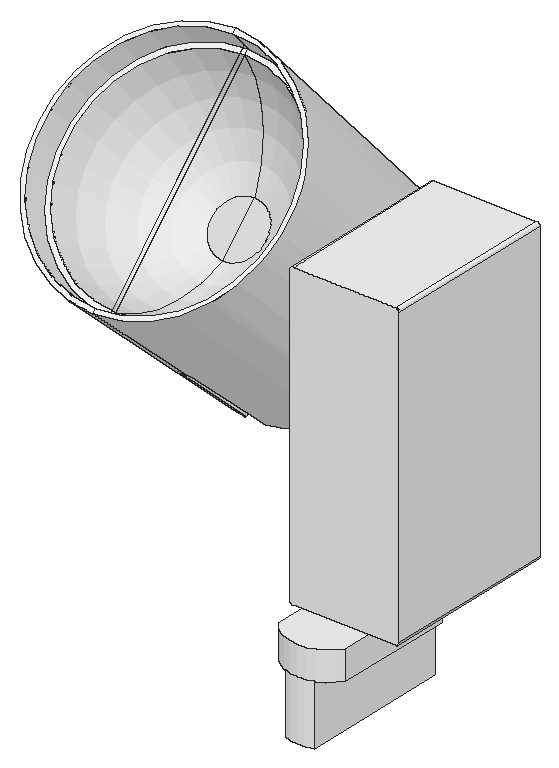
Revit family "0004927 Feilo Sylvania Lighting Fixture START TRACK SPOT L DALI 3306LM 930 MB WHT", category Lighting Fixtures, host Face, Revit 2017 (continued)
Definition of nested family "Start Track Spot Head"
  Types (96, lengths in mm): name | Wattage | built-in parameter 1150134 | Photometric Web File | Model | built-in parameter 1150105 | Lumens | built-in parameter 1150107 | built-in parameter 1150106 | HeadThickness_FEILO | HeadRibOffset_FEILO | HeadRibDepth_FEILO | HeadRibCutWidth_FEILO | HeadRibCutOffset_FEILO | HeadReflectorRadius_FEILO | HeadReflectorOffset_FEILO | HeadLEDRadius_FEILO | HeadHeight_FEILO | HeadDiffusorOffset_FEILO | HeadDiaOut_FEILO | HeadDiaIn_FEILO | HeadAxisFromTop_FEILO | Emit from Circle Diameter | built-in parameter 1150104 | Description | Apparent Load
    0004864 START TRACK SPOT S 24W 3K RA90 WB WHITE | 24 W | (empty or 0) | "0004864.ies" | "START TRACK SPOT S 24W 3K RA90 WB WHITE" | 152.79 (stored number, unit not read) | 1920 lm | 3000 (stored number, unit not read) | 1.5279 (stored number, unit not read) | 1.5 | 4.179 | 55.714 | 7.167 | 50.87 | 50.588 | 55.714 | 9.556 | 117 | 9.435 | 86 | 77.477 | 69.354 | 77.477 | 7.4322 (stored number, unit not read) | "Integrated LED spotlight, Textured White - RAL9016, compact and minimalist design, ideal for retail applications, die-cast aluminium body, passive cooling heatsink. Beam angle: 64°, color temperature: 3000K , total system power: 24W, total fixture output: 1928 lm, LOR: 100%, colour rendering: Ra: 90 typical, LED Chromaticity: 3 step MacAdam ellipse, lifetime: >50000 hours at L70B50, energy class: A++, A+, A, IR/UV free light source without heat radiation, operating voltage: 220-240V / 50-60Hz, drive current: 600mA, electronic driver, non-dimmable, power factor: 0.95, electrical protection: Class II, Global Track 3 Phase adapter suitable for Global trac 3-circuit tracks, ingress protection rating: IP20, suitable for internal environment only, horizontal rotation: 355°, vertical tilt: 90°, dimensions: Ø86x140x200, weight: 0.966kg." | 24 VA
    0004863 START TRACK SPOT S 24W 3K RA90 MB WHITE | 24 W | (empty or 0) | "0004863.ies" | "START TRACK SPOT S 24W 3K RA90 MB WHITE" | 154.7 (stored number, unit not read) | 1944 lm | 3000 (stored number, unit not read) | 1.547 (stored number, unit not read) | 1.5 | 4.179 | 55.714 | 7.167 | 50.87 | 50.588 | 55.714 | 9.556 | 117 | 9.435 | 86 | 77.477 | 69.354 | 77.477 | 7.5251 (stored number, unit not read) | "Integrated LED spotlight, Textured White - RAL9016, compact and minimalist design, ideal for retail applications, die-cast aluminium body, passive cooling heatsink. Beam angle: 36°, color temperature: 3000K , total system power: 24W, total fixture output: 1944 lm, LOR: 100%, colour rendering: Ra: 90 typical, LED Chromaticity: 3 step MacAdam ellipse, lifetime: >50000 hours at L70B50, energy class: A++, A+, A, IR/UV free light source without heat radiation, operating voltage: 220-240V / 50-60Hz, drive current: 600mA, electronic driver, non-dimmable, power factor: 0.95, electrical protection: Class II, Global Track 3 Phase adapter suitable for Global trac 3-circuit tracks, ingress protection rating: IP20, suitable for internal environment only, horizontal rotation: 355°, vertical tilt: 90°, dimensions: Ø86x140x200, weight: 0.966kg." | 24 VA
    0004862 START TRACK SPOT S 24W 3K RA90 NB WHITE | 24 W | (empty or 0) | "0004862.ies" | "START TRACK SPOT S 24W 3K RA90 NB WHITE" | 158.52 (stored number, unit not read) | 1992 lm | 3000 (stored number, unit not read) | 1.5852 (stored number, unit not read) | 1.5 | 4.179 | 55.714 | 7.167 | 50.87 | 50.588 | 55.714 | 9.556 | 117 | 9.435 | 86 | 77.477 | 69.354 | 77.477 | 7.711 (stored number, unit not read) | "Integrated LED spotlight, Textured White - RAL9016, compact and minimalist design, ideal for retail applications, die-cast aluminium body, passive cooling heatsink. Beam angle: 12°, color temperature: 3000K , total system power: 24W, total fixture output: 1987 lm, LOR: 100%, colour rendering: Ra: 90 typical, LED Chromaticity: 3 step MacAdam ellipse, lifetime: >50000 hours at L70B50, energy class: A++, A+, A, IR/UV free light source without heat radiation, operating voltage: 220-240V / 50-60Hz, drive current: 600mA, electronic driver, non-dimmable, power factor: 0.95, electrical protection: Class II, Global Track 3 Phase adapter suitable for Global trac 3-circuit tracks, ingress protection rating: IP20, suitable for internal environment only, horizontal rotation: 355°, vertical tilt: 90°, dimensions: Ø86x140x200, weight: 0.966kg." | 24 VA
    0004861 START TRACK SPOT S 14W 3K RA90 WB WHITE | 14 W | (empty or 0) | "0004861.ies" | "START TRACK SPOT S 14W 3K RA90 WB WHITE" | 100.27 (stored number, unit not read) | 1260 lm | 3000 (stored number, unit not read) | 1.0027 (stored number, unit not read) | 1.5 | 4.179 | 55.714 | 7.167 | 50.87 | 50.588 | 55.714 | 9.556 | 117 | 9.435 | 86 | 77.477 | 69.354 | 77.477 | 8.3613 (stored number, unit not read) | "Integrated LED spotlight, Textured White - RAL9016, compact and minimalist design, ideal for retail applications, die-cast aluminium body, passive cooling heatsink. Beam angle: 64°, color temperature: 3000K , total system power: 14W, total fixture output: 1262 lm, LOR: 100%, colour rendering: Ra: 90 typical, LED Chromaticity: 3 step MacAdam ellipse, lifetime: >50000 hours at L70B50, energy class: A++, A+, A, IR/UV free light source without heat radiation, operating voltage: 220-240V / 50-60Hz, drive current: 350mA, electronic driver, non-dimmable, power factor: 0.92, electrical protection: Class II, Global Track 3 Phase adapter suitable for Global trac 3-circuit tracks, ingress protection rating: IP20, suitable for internal environment only, horizontal rotation: 355°, vertical tilt: 90°, dimensions: Ø86x140x200, weight: 0.940kg." | 14 VA
    0004860 START TRACK SPOT S 14W 3K RA90 MB WHITE | 14 W | (empty or 0) | "0004860.ies" | "START TRACK SPOT S 14W 3K RA90 MB WHITE" | 100.27 (stored number, unit not read) | 1260 lm | 3000 (stored number, unit not read) | 1.0027 (stored number, unit not read) | 1.5 | 4.179 | 55.714 | 7.167 | 50.87 | 50.588 | 55.714 | 9.556 | 117 | 9.435 | 86 | 77.477 | 69.354 | 77.477 | 8.3613 (stored number, unit not read) | "Integrated LED spotlight, Textured White - RAL9016, compact and minimalist design, ideal for retail applications, die-cast aluminium body, passive cooling heatsink. Beam angle: 36°, color temperature: 3000K , total system power: 14W, total fixture output: 1262 lm, LOR: 100%, colour rendering: Ra: 90 typical, LED Chromaticity: 3 step MacAdam ellipse, lifetime: >50000 hours at L70B50, energy class: A++, A+, A, IR/UV free light source without heat radiation, operating voltage: 220-240V / 50-60Hz, drive current: 350mA, electronic driver, non-dimmable, power factor: 0.92, electrical protection: Class II, Global Track 3 Phase adapter suitable for Global trac 3-circuit tracks, ingress protection rating: IP20, suitable for internal environment only, horizontal rotation: 355°, vertical tilt: 90°, dimensions: Ø86x140x200, weight: 0.940kg." | 14 VA
    0004859 START TRACK SPOT S 14W 3K RA90 NB WHITE | 14 W | (empty or 0) | "0004859.ies" | "START TRACK SPOT S 14W 3K RA90 NB WHITE" | 102.5 (stored number, unit not read) | 1288 lm | 3000 (stored number, unit not read) | 1.025 (stored number, unit not read) | 1.5 | 4.179 | 55.714 | 7.167 | 50.87 | 50.588 | 55.714 | 9.556 | 117 | 9.435 | 86 | 77.477 | 69.354 | 77.477 | 8.5471 (stored number, unit not read) | "Integrated LED spotlight, Textured White - RAL9016, compact and minimalist design, ideal for retail applications, die-cast aluminium body, passive cooling heatsink. Beam angle: 12°, color temperature: 3000K , total system power: 14W, total fixture output: 1284 lm, LOR: 100%, colour rendering: Ra: 90 typical, LED Chromaticity: 3 step MacAdam ellipse, lifetime: >50000 hours at L70B50, energy class: A++, A+, A, IR/UV free light source without heat radiation, operating voltage: 220-240V / 50-60Hz, drive current: 350mA, electronic driver, non-dimmable, power factor: 0.92, electrical protection: Class II, Global Track 3 Phase adapter suitable for Global trac 3-circuit tracks, ingress protection rating: IP20, suitable for internal environment only, horizontal rotation: 355°, vertical tilt: 90°, dimensions: Ø86x140x200, weight: 0.940kg." | 14 VA
    0004858 START TRACK SPOT L 55W 4K RA80 WB BLACK | 55 W | 12 | "0004858.ies" | "START TRACK SPOT L 55W 4K RA80 WB BLACK" | 424.55 (stored number, unit not read) | 5335 lm | 4000 (stored number, unit not read) | 4.2455 (stored number, unit not read) | 2 | 4.429 | 59.048 | 9.417 | 53.913 | 66.471 | 59.048 | 12.556 | 124 | 10 | 113 | 101.802 | 73.503 | 101.802 | 9.0116 (stored number, unit not read) | "Integrated LED spotlight, Textured Black - RAL9005, compact and minimalist design, ideal for retail applications, die-cast aluminium body, passive cooling heatsink. Beam angle: 52°, color temperature: 4000K , total system power: 55W, total fixture output: 5320 lm, LOR: 100%, colour rendering: Ra: 80 typical, LED Chromaticity: 3 step MacAdam ellipse, lifetime: >50000 hours at L70B50, energy class: A++, A+, A, IR/UV free light source without heat radiation, operating voltage: 220-240V / 50-60Hz, drive current: 1400mA, electronic driver, non-dimmable, power factor: 0.96, electrical protection: Class II, Global Track 3 Phase adapter suitable for Global trac 3-circuit tracks, ingress protection rating: IP20, suitable for internal environment only, horizontal rotation: 355°, vertical tilt: 90°, dimensions: Ø113x164x240, weight: 1.398kg." | 55 VA
    0004857 START TRACK SPOT L 55W 4K RA80 MB BLACK | 55 W | 12 | "0004857.ies" | "START TRACK SPOT L 55W 4K RA80 MB BLACK" | 428.92 (stored number, unit not read) | 5390 lm | 4000 (stored number, unit not read) | 4.2892 (stored number, unit not read) | 2 | 4.429 | 59.048 | 9.417 | 53.913 | 66.471 | 59.048 | 12.556 | 124 | 10 | 113 | 101.802 | 73.503 | 101.802 | 9.1045 (stored number, unit not read) | "Integrated LED spotlight, Textured Black - RAL9005, compact and minimalist design, ideal for retail applications, die-cast aluminium body, passive cooling heatsink. Beam angle: 38°, color temperature: 4000K , total system power: 55W, total fixture output: 5378 lm, LOR: 100%, colour rendering: Ra: 80 typical, LED Chromaticity: 3 step MacAdam ellipse, lifetime: >50000 hours at L70B50, energy class: A++, A+, A, IR/UV free light source without heat radiation, operating voltage: 220-240V / 50-60Hz, drive current: 1400mA, electronic driver, non-dimmable, power factor: 0.96, electrical protection: Class II, Global Track 3 Phase adapter suitable for Global trac 3-circuit tracks, ingress protection rating: IP20, suitable for internal environment only, horizontal rotation: 355°, vertical tilt: 90°, dimensions: Ø113x164x240, weight: 1.398kg." | 55 VA
    0004856 START TRACK SPOT L 55W 4K RA80 NB BLACK | 55 W | 12 | "0004856.ies" | "START TRACK SPOT L 55W 4K RA80 NB BLACK" | 433.3 (stored number, unit not read) | 5445 lm | 4000 (stored number, unit not read) | 4.333 (stored number, unit not read) | 2 | 4.429 | 59.048 | 9.417 | 53.913 | 66.471 | 59.048 | 12.556 | 124 | 10 | 113 | 101.802 | 73.503 | 101.802 | 9.1974 (stored number, unit not read) | "Integrated LED spotlight, Textured Black - RAL9005, compact and minimalist design, ideal for retail applications, die-cast aluminium body, passive cooling heatsink. Beam angle: 15°, color temperature: 4000K , total system power: 55W, total fixture output: 5426 lm, LOR: 100%, colour rendering: Ra: 80 typical, LED Chromaticity: 3 step MacAdam ellipse, lifetime: >50000 hours at L70B50, energy class: A++, A+, A, IR/UV free light source without heat radiation, operating voltage: 220-240V / 50-60Hz, drive current: 1400mA, electronic driver, non-dimmable, power factor: 0.96, electrical protection: Class II, Global Track 3 Phase adapter suitable for Global trac 3-circuit tracks, ingress protection rating: IP20, suitable for internal environment only, horizontal rotation: 355°, vertical tilt: 90°, dimensions: Ø113x164x240, weight: 1.398kg." | 55 VA
    0004855 START TRACK SPOT L 35W 4K RA80 WB BLACK | 35 W | 12 | "0004855.ies" | "START TRACK SPOT L 35W 4K RA80 WB BLACK" | 320.3 (stored number, unit not read) | 4025 lm | 4000 (stored number, unit not read) | 3.203 (stored number, unit not read) | 2 | 4.429 | 59.048 | 9.417 | 53.913 | 66.471 | 59.048 | 12.556 | 124 | 10 | 113 | 101.802 | 73.503 | 101.802 | 10.684 (stored number, unit not read) | "Integrated LED spotlight, Textured Black - RAL9005, compact and minimalist design, ideal for retail applications, die-cast aluminium body, passive cooling heatsink. Beam angle: 52°, color temperature: 4000K , total system power: 35W, total fixture output: 4010 lm, LOR: 100%, colour rendering: Ra: 80 typical, LED Chromaticity: 3 step MacAdam ellipse, lifetime: >50000 hours at L70B50, energy class: A++, A+, A, IR/UV free light source without heat radiation, operating voltage: 220-240V / 50-60Hz, drive current: 900mA, electronic driver, non-dimmable, power factor: 0.93, electrical protection: Class II, Global Track 3 Phase adapter suitable for Global trac 3-circuit tracks, ingress protection rating: IP20, suitable for internal environment only, horizontal rotation: 355°, vertical tilt: 90°, dimensions: Ø113x164x240, weight: 1.368kg." | 35 VA
    0004854 START TRACK SPOT L 35W 4K RA80 MB BLACK | 35 W | 12 | "0004854.ies" | "START TRACK SPOT L 35W 4K RA80 MB BLACK" | 320.3 (stored number, unit not read) | 4025 lm | 4000 (stored number, unit not read) | 3.203 (stored number, unit not read) | 2 | 4.429 | 59.048 | 9.417 | 53.913 | 66.471 | 59.048 | 12.556 | 124 | 10 | 113 | 101.802 | 73.503 | 101.802 | 10.684 (stored number, unit not read) | "Integrated LED spotlight, Textured Black - RAL9005, compact and minimalist design, ideal for retail applications, die-cast aluminium body, passive cooling heatsink. Beam angle: 38°, color temperature: 4000K , total system power: 35W, total fixture output: 4017 lm, LOR: 100%, colour rendering: Ra: 80 typical, LED Chromaticity: 3 step MacAdam ellipse, lifetime: >50000 hours at L70B50, energy class: A++, A+, A, IR/UV free light source without heat radiation, operating voltage: 220-240V / 50-60Hz, drive current: 900mA, electronic driver, non-dimmable, power factor: 0.93, electrical protection: Class II, Global Track 3 Phase adapter suitable for Global trac 3-circuit tracks, ingress protection rating: IP20, suitable for internal environment only, horizontal rotation: 355°, vertical tilt: 90°, dimensions: Ø113x164x240, weight: 1.368kg." | 35 VA
    0004853 START TRACK SPOT L 35W 4K RA80 NB BLACK | 35 W | 12 | "0004853.ies" | "START TRACK SPOT L 35W 4K RA80 NB BLACK" | 331.44 (stored number, unit not read) | 4165 lm | 4000 (stored number, unit not read) | 3.3144 (stored number, unit not read) | 2 | 4.429 | 59.048 | 9.417 | 53.913 | 66.471 | 59.048 | 12.556 | 124 | 10 | 113 | 101.802 | 73.503 | 101.802 | 11.055 (stored number, unit not read) | "Integrated LED spotlight, Textured Black - RAL9005, compact and minimalist design, ideal for retail applications, die-cast aluminium body, passive cooling heatsink. Beam angle: 15°, color temperature: 4000K , total system power: 35W, total fixture output: 4174 lm, LOR: 100%, colour rendering: Ra: 80 typical, LED Chromaticity: 3 step MacAdam ellipse, lifetime: >50000 hours at L70B50, energy class: A++, A+, A, IR/UV free light source without heat radiation, operating voltage: 220-240V / 50-60Hz, drive current: 900mA, electronic driver, non-dimmable, power factor: 0.93, electrical protection: Class II, Global Track 3 Phase adapter suitable for Global trac 3-circuit tracks, ingress protection rating: IP20, suitable for internal environment only, horizontal rotation: 355°, vertical tilt: 90°, dimensions: Ø113x164x240, weight: 1.368kg." | 35 VA
    0004852 START TRACK SPOT S 24W 4K RA80 WB BLACK | 24 W | 12 | "0004852.ies" | "START TRACK SPOT S 24W 4K RA80 WB BLACK" | 196.72 (stored number, unit not read) | 2472 lm | 4000 (stored number, unit not read) | 1.9672 (stored number, unit not read) | 1.5 | 4.179 | 55.714 | 7.167 | 50.87 | 50.588 | 55.714 | 9.556 | 117 | 9.435 | 86 | 77.477 | 69.354 | 77.477 | 9.569 (stored number, unit not read) | "Integrated LED spotlight, Textured Black - RAL9005, compact and minimalist design, ideal for retail applications, die-cast aluminium body, passive cooling heatsink. Beam angle: 64°, color temperature: 4000K , total system power: 24W, total fixture output: 2476 lm, LOR: 100%, colour rendering: Ra: 80 typical, LED Chromaticity: 3 step MacAdam ellipse, lifetime: >50000 hours at L70B50, energy class: A++, A+, A, IR/UV free light source without heat radiation, operating voltage: 220-240V / 50-60Hz, drive current: 600mA, electronic driver, non-dimmable, power factor: 0.95, electrical protection: Class II, Global Track 3 Phase adapter suitable for Global trac 3-circuit tracks, ingress protection rating: IP20, suitable for internal environment only, horizontal rotation: 355°, vertical tilt: 90°, dimensions: Ø86x140x200, weight: 0.966kg." | 24 VA
    0004851 START TRACK SPOT S 24W 4K RA80 MB BLACK | 24 W | 12 | "0004851.ies" | "START TRACK SPOT S 24W 4K RA80 MB BLACK" | 198.63 (stored number, unit not read) | 2496 lm | 4000 (stored number, unit not read) | 1.9863 (stored number, unit not read) | 1.5 | 4.179 | 55.714 | 7.167 | 50.87 | 50.588 | 55.714 | 9.556 | 117 | 9.435 | 86 | 77.477 | 69.354 | 77.477 | 9.6619 (stored number, unit not read) | "Integrated LED spotlight, Textured Black - RAL9005, compact and minimalist design, ideal for retail applications, die-cast aluminium body, passive cooling heatsink. Beam angle: 36°, color temperature: 4000K , total system power: 24W, total fixture output: 2487 lm, LOR: 100%, colour rendering: Ra: 80 typical, LED Chromaticity: 3 step MacAdam ellipse, lifetime: >50000 hours at L70B50, energy class: A++, A+, A, IR/UV free light source without heat radiation, operating voltage: 220-240V / 50-60Hz, drive current: 600mA, electronic driver, non-dimmable, power factor: 0.95, electrical protection: Class II, Global Track 3 Phase adapter suitable for Global trac 3-circuit tracks, ingress protection rating: IP20, suitable for internal environment only, horizontal rotation: 355°, vertical tilt: 90°, dimensions: Ø86x140x200, weight: 0.966kg." | 24 VA
    0004850 START TRACK SPOT S 24W 4K RA80 NB BLACK | 24 W | 12 | "0004850.ies" | "START TRACK SPOT S 24W 4K RA80 NB BLACK" | 200.54 (stored number, unit not read) | 2520 lm | 4000 (stored number, unit not read) | 2.0054 (stored number, unit not read) | 1.5 | 4.179 | 55.714 | 7.167 | 50.87 | 50.588 | 55.714 | 9.556 | 117 | 9.435 | 86 | 77.477 | 69.354 | 77.477 | 9.7548 (stored number, unit not read) | "Integrated LED spotlight, Textured Black - RAL9005, compact and minimalist design, ideal for retail applications, die-cast aluminium body, passive cooling heatsink. Beam angle: 12°, color temperature: 4000K , total system power: 24W, total fixture output: 2529 lm, LOR: 100%, colour rendering: Ra: 80 typical, LED Chromaticity: 3 step MacAdam ellipse, lifetime: >50000 hours at L70B50, energy class: A++, A+, A, IR/UV free light source without heat radiation, operating voltage: 220-240V / 50-60Hz, drive current: 600mA, electronic driver, non-dimmable, power factor: 0.95, electrical protection: Class II, Global Track 3 Phase adapter suitable for Global trac 3-circuit tracks, ingress protection rating: IP20, suitable for internal environment only, horizontal rotation: 355°, vertical tilt: 90°, dimensions: Ø86x140x200, weight: 0.966kg." | 24 VA
    0004849 START TRACK SPOT S 14W 4K RA80 WB BLACK | 14 W | 12 | "0004849.ies" | "START TRACK SPOT S 14W 4K RA80 WB BLACK" | 123.66 (stored number, unit not read) | 1554 lm | 4000 (stored number, unit not read) | 1.2366 (stored number, unit not read) | 1.5 | 4.179 | 55.714 | 7.167 | 50.87 | 50.588 | 55.714 | 9.556 | 117 | 9.435 | 86 | 77.477 | 69.354 | 77.477 | 10.312 (stored number, unit not read) | "Integrated LED spotlight, Textured Black - RAL9005, compact and minimalist design, ideal for retail applications, die-cast aluminium body, passive cooling heatsink. Beam angle: 64°, color temperature: 4000K , total system power: 14W, total fixture output: 1558 lm, LOR: 100%, colour rendering: Ra: 80 typical, LED Chromaticity: 3 step MacAdam ellipse, lifetime: >50000 hours at L70B50, energy class: A++, A+, A, IR/UV free light source without heat radiation, operating voltage: 220-240V / 50-60Hz, drive current: 350mA, electronic driver, non-dimmable, power factor: 0.92, electrical protection: Class II, Global Track 3 Phase adapter suitable for Global trac 3-circuit tracks, ingress protection rating: IP20, suitable for internal environment only, horizontal rotation: 355°, vertical tilt: 90°, dimensions: Ø86x140x200, weight: 0.940kg." | 14 VA
    0004848 START TRACK SPOT S 14W 4K RA80 MB BLACK | 14 W | 12 | "0004848.ies" | "START TRACK SPOT S 14W 4K RA80 MB BLACK" | 127.01 (stored number, unit not read) | 1596 lm | 4000 (stored number, unit not read) | 1.2701 (stored number, unit not read) | 1.5 | 4.179 | 55.714 | 7.167 | 50.87 | 50.588 | 55.714 | 9.556 | 117 | 9.435 | 86 | 77.477 | 69.354 | 77.477 | 10.591 (stored number, unit not read) | "Integrated LED spotlight, Textured Black - RAL9005, compact and minimalist design, ideal for retail applications, die-cast aluminium body, passive cooling heatsink. Beam angle: 36°, color temperature: 4000K , total system power: 14W, total fixture output: 1598 lm, LOR: 100%, colour rendering: Ra: 80 typical, LED Chromaticity: 3 step MacAdam ellipse, lifetime: >50000 hours at L70B50, energy class: A++, A+, A, IR/UV free light source without heat radiation, operating voltage: 220-240V / 50-60Hz, drive current: 350mA, electronic driver, non-dimmable, power factor: 0.92, electrical protection: Class II, Global Track 3 Phase adapter suitable for Global trac 3-circuit tracks, ingress protection rating: IP20, suitable for internal environment only, horizontal rotation: 355°, vertical tilt: 90°, dimensions: Ø86x140x200, weight: 0.940kg." | 14 VA
    0004847 START TRACK SPOT S 14W 4K RA80 NB BLACK | 14 W | 12 | "0004847.ies" | "START TRACK SPOT S 14W 4K RA80 NB BLACK" | 128.12 (stored number, unit not read) | 1610 lm | 4000 (stored number, unit not read) | 1.2812 (stored number, unit not read) | 1.5 | 4.179 | 55.714 | 7.167 | 50.87 | 50.588 | 55.714 | 9.556 | 117 | 9.435 | 86 | 77.477 | 69.354 | 77.477 | 10.684 (stored number, unit not read) | "Integrated LED spotlight, Textured Black - RAL9005, compact and minimalist design, ideal for retail applications, die-cast aluminium body, passive cooling heatsink. Beam angle: 12°, color temperature: 4000K , total system power: 14W, total fixture output: 1608 lm, LOR: 100%, colour rendering: Ra: 80 typical, LED Chromaticity: 3 step MacAdam ellipse, lifetime: >50000 hours at L70B50, energy class: A++, A+, A, IR/UV free light source without heat radiation, operating voltage: 220-240V / 50-60Hz, drive current: 350mA, electronic driver, non-dimmable, power factor: 0.92, electrical protection: Class II, Global Track 3 Phase adapter suitable for Global trac 3-circuit tracks, ingress protection rating: IP20, suitable for internal environment only, horizontal rotation: 355°, vertical tilt: 90°, dimensions: Ø86x140x200, weight: 0.940kg." | 14 VA
    0004846 START TRACK SPOT L 55W 3K RA80 WB BLACK | 55 W | (empty or 0) | "0004846.ies" | "START TRACK SPOT L 55W 3K RA80 WB BLACK" | 420.17 (stored number, unit not read) | 5280 lm | 3000 (stored number, unit not read) | 4.2017 (stored number, unit not read) | 2 | 4.429 | 59.048 | 9.417 | 53.913 | 66.471 | 59.048 | 12.556 | 124 | 10 | 113 | 101.802 | 73.503 | 101.802 | 8.9187 (stored number, unit not read) | "Integrated LED spotlight, Textured Black - RAL9005, compact and minimalist design, ideal for retail applications, die-cast aluminium body, passive cooling heatsink. Beam angle: 52°, color temperature: 3000K , total system power: 55W, total fixture output: 5298 lm, LOR: 100%, colour rendering: Ra: 80 typical, LED Chromaticity: 3 step MacAdam ellipse, lifetime: >50000 hours at L70B50, energy class: A++, A+, A, IR/UV free light source without heat radiation, operating voltage: 220-240V / 50-60Hz, drive current: 1400mA, electronic driver, non-dimmable, power factor: 0.96, electrical protection: Class II, Global Track 3 Phase adapter suitable for Global trac 3-circuit tracks, ingress protection rating: IP20, suitable for internal environment only, horizontal rotation: 355°, vertical tilt: 90°, dimensions: Ø113x164x240, weight: 1.398kg." | 55 VA
    0004845 START TRACK SPOT L 55W 3K RA80 MB BLACK | 55 W | (empty or 0) | "0004845.ies" | "START TRACK SPOT L 55W 3K RA80 MB BLACK" | 428.92 (stored number, unit not read) | 5390 lm | 3000 (stored number, unit not read) | 4.2892 (stored number, unit not read) | 2 | 4.429 | 59.048 | 9.417 | 53.913 | 66.471 | 59.048 | 12.556 | 124 | 10 | 113 | 101.802 | 73.503 | 101.802 | 9.1045 (stored number, unit not read) | "Integrated LED spotlight, Textured Black - RAL9005, compact and minimalist design, ideal for retail applications, die-cast aluminium body, passive cooling heatsink. Beam angle: 38°, color temperature: 3000K , total system power: 55W, total fixture output: 5381 lm, LOR: 100%, colour rendering: Ra: 80 typical, LED Chromaticity: 3 step MacAdam ellipse, lifetime: >50000 hours at L70B50, energy class: A++, A+, A, IR/UV free light source without heat radiation, operating voltage: 220-240V / 50-60Hz, drive current: 1400mA, electronic driver, non-dimmable, power factor: 0.96, electrical protection: Class II, Global Track 3 Phase adapter suitable for Global trac 3-circuit tracks, ingress protection rating: IP20, suitable for internal environment only, horizontal rotation: 355°, vertical tilt: 90°, dimensions: Ø113x164x240, weight: 1.398kg." | 55 VA
    0004844 START TRACK SPOT L 55W 3K RA80 NB BLACK | 55 W | (empty or 0) | "0004844.ies" | "START TRACK SPOT L 55W 3K RA80 NB BLACK" | 433.3 (stored number, unit not read) | 5445 lm | 3000 (stored number, unit not read) | 4.333 (stored number, unit not read) | 2 | 4.429 | 59.048 | 9.417 | 53.913 | 66.471 | 59.048 | 12.556 | 124 | 10 | 113 | 101.802 | 73.503 | 101.802 | 9.1974 (stored number, unit not read) | "Integrated LED spotlight, Textured Black - RAL9005, compact and minimalist design, ideal for retail applications, die-cast aluminium body, passive cooling heatsink. Beam angle: 15°, color temperature: 3000K , total system power: 55W, total fixture output: 5449 lm, LOR: 100%, colour rendering: Ra: 80 typical, LED Chromaticity: 3 step MacAdam ellipse, lifetime: >50000 hours at L70B50, energy class: A++, A+, A, IR/UV free light source without heat radiation, operating voltage: 220-240V / 50-60Hz, drive current: 1400mA, electronic driver, non-dimmable, power factor: 0.96, electrical protection: Class II, Global Track 3 Phase adapter suitable for Global trac 3-circuit tracks, ingress protection rating: IP20, suitable for internal environment only, horizontal rotation: 355°, vertical tilt: 90°, dimensions: Ø113x164x240, weight: 1.398kg." | 55 VA
    0004843 START TRACK SPOT L 35W 3K RA80 WB BLACK | 35 W | (empty or 0) | "0004843.ies" | "START TRACK SPOT L 35W 3K RA80 WB BLACK" | 314.73 (stored number, unit not read) | 3955 lm | 3000 (stored number, unit not read) | 3.1473 (stored number, unit not read) | 2 | 4.429 | 59.048 | 9.417 | 53.913 | 66.471 | 59.048 | 12.556 | 124 | 10 | 113 | 101.802 | 73.503 | 101.802 | 10.498 (stored number, unit not read) | "Integrated LED spotlight, Textured Black - RAL9005, compact and minimalist design, ideal for retail applications, die-cast aluminium body, passive cooling heatsink. Beam angle: 52°, color temperature: 3000K , total system power: 35W, total fixture output: 3943 lm, LOR: 100%, colour rendering: Ra: 80 typical, LED Chromaticity: 3 step MacAdam ellipse, lifetime: >50000 hours at L70B50, energy class: A++, A+, A, IR/UV free light source without heat radiation, operating voltage: 220-240V / 50-60Hz, drive current: 900mA, electronic driver, non-dimmable, power factor: 0.93, electrical protection: Class II, Global Track 3 Phase adapter suitable for Global trac 3-circuit tracks, ingress protection rating: IP20, suitable for internal environment only, horizontal rotation: 355°, vertical tilt: 90°, dimensions: Ø113x164x240, weight: 1.368kg." | 35 VA
    0004842 START TRACK SPOT L 35W 3K RA80 MB BLACK | 35 W | (empty or 0) | "0004842.ies" | "START TRACK SPOT L 35W 3K RA80 MB BLACK" | 320.3 (stored number, unit not read) | 4025 lm | 3000 (stored number, unit not read) | 3.203 (stored number, unit not read) | 2 | 4.429 | 59.048 | 9.417 | 53.913 | 66.471 | 59.048 | 12.556 | 124 | 10 | 113 | 101.802 | 73.503 | 101.802 | 10.684 (stored number, unit not read) | "Integrated LED spotlight, Textured Black - RAL9005, compact and minimalist design, ideal for retail applications, die-cast aluminium body, passive cooling heatsink. Beam angle: 38°, color temperature: 3000K , total system power: 35W, total fixture output: 4008 lm, LOR: 100%, colour rendering: Ra: 80 typical, LED Chromaticity: 3 step MacAdam ellipse, lifetime: >50000 hours at L70B50, energy class: A++, A+, A, IR/UV free light source without heat radiation, operating voltage: 220-240V / 50-60Hz, drive current: 900mA, electronic driver, non-dimmable, power factor: 0.93, electrical protection: Class II, Global Track 3 Phase adapter suitable for Global trac 3-circuit tracks, ingress protection rating: IP20, suitable for internal environment only, horizontal rotation: 355°, vertical tilt: 90°, dimensions: Ø113x164x240, weight: 1.368kg." | 35 VA
    0004841 START TRACK SPOT L 35W 3K RA80 NB BLACK | 35 W | (empty or 0) | "0004841.ies" | "START TRACK SPOT L 35W 3K RA80 NB BLACK" | 317.51 (stored number, unit not read) | 3990 lm | 3000 (stored number, unit not read) | 3.1751 (stored number, unit not read) | 2 | 4.429 | 59.048 | 9.417 | 53.913 | 66.471 | 59.048 | 12.556 | 124 | 10 | 113 | 101.802 | 73.503 | 101.802 | 10.591 (stored number, unit not read) | "Integrated LED spotlight, Textured Black - RAL9005, compact and minimalist design, ideal for retail applications, die-cast aluminium body, passive cooling heatsink. Beam angle: 15°, color temperature: 3000K , total system power: 35W, total fixture output: 4005 lm, LOR: 100%, colour rendering: Ra: 80 typical, LED Chromaticity: 3 step MacAdam ellipse, lifetime: >50000 hours at L70B50, energy class: A++, A+, A, IR/UV free light source without heat radiation, operating voltage: 220-240V / 50-60Hz, drive current: 900mA, electronic driver, non-dimmable, power factor: 0.93, electrical protection: Class II, Global Track 3 Phase adapter suitable for Global trac 3-circuit tracks, ingress protection rating: IP20, suitable for internal environment only, horizontal rotation: 355°, vertical tilt: 90°, dimensions: Ø113x164x240, weight: 1.368kg." | 35 VA
    0004840 START TRACK SPOT S 24W 3K RA80 WB BLACK | 24 W | (empty or 0) | "0004840.ies" | "START TRACK SPOT S 24W 3K RA80 WB BLACK" | 185.26 (stored number, unit not read) | 2328 lm | 3000 (stored number, unit not read) | 1.8526 (stored number, unit not read) | 1.5 | 4.179 | 55.714 | 7.167 | 50.87 | 50.588 | 55.714 | 9.556 | 117 | 9.435 | 86 | 77.477 | 69.354 | 77.477 | 9.0116 (stored number, unit not read) | "Integrated LED spotlight, Textured Black - RAL9005, compact and minimalist design, ideal for retail applications, die-cast aluminium body, passive cooling heatsink. Beam angle: 64°, color temperature: 3000K , total system power: 24W, total fixture output: 2318 lm, LOR: 100%, colour rendering: Ra: 80 typical, LED Chromaticity: 3 step MacAdam ellipse, lifetime: >50000 hours at L70B50, energy class: A++, A+, A, IR/UV free light source without heat radiation, operating voltage: 220-240V / 50-60Hz, drive current: 600mA, electronic driver, non-dimmable, power factor: 0.95, electrical protection: Class II, Global Track 3 Phase adapter suitable for Global trac 3-circuit tracks, ingress protection rating: IP20, suitable for internal environment only, horizontal rotation: 355°, vertical tilt: 90°, dimensions: Ø86x140x200, weight: 0.966kg." | 24 VA
    0004839 START TRACK SPOT S 24W 3K RA80 MB BLACK | 24 W | (empty or 0) | "0004839.ies" | "START TRACK SPOT S 24W 3K RA80 MB BLACK" | 183.35 (stored number, unit not read) | 2304 lm | 3000 (stored number, unit not read) | 1.8335 (stored number, unit not read) | 1.5 | 4.179 | 55.714 | 7.167 | 50.87 | 50.588 | 55.714 | 9.556 | 117 | 9.435 | 86 | 77.477 | 69.354 | 77.477 | 8.9187 (stored number, unit not read) | "Integrated LED spotlight, Textured Black - RAL9005, compact and minimalist design, ideal for retail applications, die-cast aluminium body, passive cooling heatsink. Beam angle: 36°, color temperature: 3000K , total system power: 24W, total fixture output: 2314 lm, LOR: 100%, colour rendering: Ra: 80 typical, LED Chromaticity: 3 step MacAdam ellipse, lifetime: >50000 hours at L70B50, energy class: A++, A+, A, IR/UV free light source without heat radiation, operating voltage: 220-240V / 50-60Hz, drive current: 600mA, electronic driver, non-dimmable, power factor: 0.95, electrical protection: Class II, Global Track 3 Phase adapter suitable for Global trac 3-circuit tracks, ingress protection rating: IP20, suitable for internal environment only, horizontal rotation: 355°, vertical tilt: 90°, dimensions: Ø86x140x200, weight: 0.966kg." | 24 VA
    0004838 START TRACK SPOT S 24W 3K RA80 NB BLACK | 24 W | (empty or 0) | "0004838.ies" | "START TRACK SPOT S 24W 3K RA80 NB BLACK" | 185.26 (stored number, unit not read) | 2328 lm | 3000 (stored number, unit not read) | 1.8526 (stored number, unit not read) | 1.5 | 4.179 | 55.714 | 7.167 | 50.87 | 50.588 | 55.714 | 9.556 | 117 | 9.435 | 86 | 77.477 | 69.354 | 77.477 | 9.0116 (stored number, unit not read) | "Integrated LED spotlight, Textured Black - RAL9005, compact and minimalist design, ideal for retail applications, die-cast aluminium body, passive cooling heatsink. Beam angle: 12°, color temperature: 3000K , total system power: 24W, total fixture output: 2334 lm, LOR: 100%, colour rendering: Ra: 80 typical, LED Chromaticity: 3 step MacAdam ellipse, lifetime: >50000 hours at L70B50, energy class: A++, A+, A, IR/UV free light source without heat radiation, operating voltage: 220-240V / 50-60Hz, drive current: 600mA, electronic driver, non-dimmable, power factor: 0.95, electrical protection: Class II, Global Track 3 Phase adapter suitable for Global trac 3-circuit tracks, ingress protection rating: IP20, suitable for internal environment only, horizontal rotation: 355°, vertical tilt: 90°, dimensions: Ø86x140x200, weight: 0.966kg." | 24 VA
    0004837 START TRACK SPOT S 14W 3K RA80 WB BLACK | 14 W | (empty or 0) | "0004837.ies" | "START TRACK SPOT S 14W 3K RA80 WB BLACK" | 119.21 (stored number, unit not read) | 1498 lm | 3000 (stored number, unit not read) | 1.1921 (stored number, unit not read) | 1.5 | 4.179 | 55.714 | 7.167 | 50.87 | 50.588 | 55.714 | 9.556 | 117 | 9.435 | 86 | 77.477 | 69.354 | 77.477 | 9.9406 (stored number, unit not read) | "Integrated LED spotlight, Textured Black - RAL9005, compact and minimalist design, ideal for retail applications, die-cast aluminium body, passive cooling heatsink. Beam angle: 64°, color temperature: 3000K , total system power: 14W, total fixture output: 1498 lm, LOR: 100%, colour rendering: Ra: 80 typical, LED Chromaticity: 3 step MacAdam ellipse, lifetime: >50000 hours at L70B50, energy class: A++, A+, A, IR/UV free light source without heat radiation, operating voltage: 220-240V / 50-60Hz, drive current: 350mA, electronic driver, non-dimmable, power factor: 0.92, electrical protection: Class II, Global Track 3 Phase adapter suitable for Global trac 3-circuit tracks, ingress protection rating: IP20, suitable for internal environment only, horizontal rotation: 355°, vertical tilt: 90°, dimensions: Ø86x140x200, weight: 0.940kg." | 14 VA
    0004836 START TRACK SPOT S 14W 3K RA80 MB BLACK | 14 W | (empty or 0) | "0004836.ies" | "START TRACK SPOT S 14W 3K RA80 MB BLACK" | 120.32 (stored number, unit not read) | 1512 lm | 3000 (stored number, unit not read) | 1.2032 (stored number, unit not read) | 1.5 | 4.179 | 55.714 | 7.167 | 50.87 | 50.588 | 55.714 | 9.556 | 117 | 9.435 | 86 | 77.477 | 69.354 | 77.477 | 10.034 (stored number, unit not read) | "Integrated LED spotlight, Textured Black - RAL9005, compact and minimalist design, ideal for retail applications, die-cast aluminium body, passive cooling heatsink. Beam angle: 36°, color temperature: 3000K , total system power: 14W, total fixture output: 1508 lm, LOR: 100%, colour rendering: Ra: 80 typical, LED Chromaticity: 3 step MacAdam ellipse, lifetime: >50000 hours at L70B50, energy class: A++, A+, A, IR/UV free light source without heat radiation, operating voltage: 220-240V / 50-60Hz, drive current: 350mA, electronic driver, non-dimmable, power factor: 0.92, electrical protection: Class II, Global Track 3 Phase adapter suitable for Global trac 3-circuit tracks, ingress protection rating: IP20, suitable for internal environment only, horizontal rotation: 355°, vertical tilt: 90°, dimensions: Ø86x140x200, weight: 0.940kg." | 14 VA
    0004835 START TRACK SPOT S 14W 3K RA80 NB BLACK | 14 W | (empty or 0) | "0004835.ies" | "START TRACK SPOT S 14W 3K RA80 NB BLACK" | 123.66 (stored number, unit not read) | 1554 lm | 3000 (stored number, unit not read) | 1.2366 (stored number, unit not read) | 1.5 | 4.179 | 55.714 | 7.167 | 50.87 | 50.588 | 55.714 | 9.556 | 117 | 9.435 | 86 | 77.477 | 69.354 | 77.477 | 10.312 (stored number, unit not read) | "Integrated LED spotlight, Textured Black - RAL9005, compact and minimalist design, ideal for retail applications, die-cast aluminium body, passive cooling heatsink. Beam angle: 12°, color temperature: 3000K , total system power: 14W, total fixture output: 1551 lm, LOR: 100%, colour rendering: Ra: 80 typical, LED Chromaticity: 3 step MacAdam ellipse, lifetime: >50000 hours at L70B50, energy class: A++, A+, A, IR/UV free light source without heat radiation, operating voltage: 220-240V / 50-60Hz, drive current: 350mA, electronic driver, non-dimmable, power factor: 0.92, electrical protection: Class II, Global Track 3 Phase adapter suitable for Global trac 3-circuit tracks, ingress protection rating: IP20, suitable for internal environment only, horizontal rotation: 355°, vertical tilt: 90°, dimensions: Ø86x140x200, weight: 0.940kg." | 14 VA
    0004834 START TRACK SPOT L 55W 4K RA80 WB WHITE | 55 W | 12 | "0004834.ies" | "START TRACK SPOT L 55W 4K RA80 WB WHITE" | 424.55 (stored number, unit not read) | 5335 lm | 4000 (stored number, unit not read) | 4.2455 (stored number, unit not read) | 2 | 4.429 | 59.048 | 9.417 | 53.913 | 66.471 | 59.048 | 12.556 | 124 | 10 | 113 | 101.802 | 73.503 | 101.802 | 9.0116 (stored number, unit not read) | "Integrated LED spotlight, Textured White - RAL9016, compact and minimalist design, ideal for retail applications, die-cast aluminium body, passive cooling heatsink. Beam angle: 52°, color temperature: 4000K , total system power: 55W, total fixture output: 5320 lm, LOR: 100%, colour rendering: Ra: 80 typical, LED Chromaticity: 3 step MacAdam ellipse, lifetime: >50000 hours at L70B50, energy class: A++, A+, A, IR/UV free light source without heat radiation, operating voltage: 220-240V / 50-60Hz, drive current: 1400mA, electronic driver, non-dimmable, power factor: 0.96, electrical protection: Class II, Global Track 3 Phase adapter suitable for Global trac 3-circuit tracks, ingress protection rating: IP20, suitable for internal environment only, horizontal rotation: 355°, vertical tilt: 90°, dimensions: Ø113x164x240, weight: 1.398kg." | 55 VA
    0004833 START TRACK SPOT L 55W 4K RA80 MB WHITE | 55 W | 12 | "0004833.ies" | "START TRACK SPOT L 55W 4K RA80 MB WHITE" | 428.92 (stored number, unit not read) | 5390 lm | 4000 (stored number, unit not read) | 4.2892 (stored number, unit not read) | 2 | 4.429 | 59.048 | 9.417 | 53.913 | 66.471 | 59.048 | 12.556 | 124 | 10 | 113 | 101.802 | 73.503 | 101.802 | 9.1045 (stored number, unit not read) | "Integrated LED spotlight, Textured White - RAL9016, compact and minimalist design, ideal for retail applications, die-cast aluminium body, passive cooling heatsink. Beam angle: 38°, color temperature: 4000K , total system power: 55W, total fixture output: 5378 lm, LOR: 100%, colour rendering: Ra: 80 typical, LED Chromaticity: 3 step MacAdam ellipse, lifetime: >50000 hours at L70B50, energy class: A++, A+, A, IR/UV free light source without heat radiation, operating voltage: 220-240V / 50-60Hz, drive current: 1400mA, electronic driver, non-dimmable, power factor: 0.96, electrical protection: Class II, Global Track 3 Phase adapter suitable for Global trac 3-circuit tracks, ingress protection rating: IP20, suitable for internal environment only, horizontal rotation: 355°, vertical tilt: 90°, dimensions: Ø113x164x240, weight: 1.398kg." | 55 VA
    0004832 START TRACK SPOT L 55W 4K RA80 NB WHITE | 55 W | 12 | "0004832.ies" | "START TRACK SPOT L 55W 4K RA80 NB WHITE" | 433.3 (stored number, unit not read) | 5445 lm | 4000 (stored number, unit not read) | 4.333 (stored number, unit not read) | 2 | 4.429 | 59.048 | 9.417 | 53.913 | 66.471 | 59.048 | 12.556 | 124 | 10 | 113 | 101.802 | 73.503 | 101.802 | 9.1974 (stored number, unit not read) | "Integrated LED spotlight, Textured White - RAL9016, compact and minimalist design, ideal for retail applications, die-cast aluminium body, passive cooling heatsink. Beam angle: 15°, color temperature: 4000K , total system power: 55W, total fixture output: 5426 lm, LOR: 100%, colour rendering: Ra: 80 typical, LED Chromaticity: 3 step MacAdam ellipse, lifetime: >50000 hours at L70B50, energy class: A++, A+, A, IR/UV free light source without heat radiation, operating voltage: 220-240V / 50-60Hz, drive current: 1400mA, electronic driver, non-dimmable, power factor: 0.96, electrical protection: Class II, Global Track 3 Phase adapter suitable for Global trac 3-circuit tracks, ingress protection rating: IP20, suitable for internal environment only, horizontal rotation: 355°, vertical tilt: 90°, dimensions: Ø113x164x240, weight: 1.398kg." | 55 VA
    0004831 START TRACK SPOT L 35W 4K RA80 WB WHITE | 35 W | 12 | "0004831.ies" | "START TRACK SPOT L 35W 4K RA80 WB WHITE" | 320.3 (stored number, unit not read) | 4025 lm | 4000 (stored number, unit not read) | 3.203 (stored number, unit not read) | 2 | 4.429 | 59.048 | 9.417 | 53.913 | 66.471 | 59.048 | 12.556 | 124 | 10 | 113 | 101.802 | 73.503 | 101.802 | 10.684 (stored number, unit not read) | "Integrated LED spotlight, Textured White - RAL9016, compact and minimalist design, ideal for retail applications, die-cast aluminium body, passive cooling heatsink. Beam angle: 52°, color temperature: 4000K , total system power: 35W, total fixture output: 4010 lm, LOR: 100%, colour rendering: Ra: 80 typical, LED Chromaticity: 3 step MacAdam ellipse, lifetime: >50000 hours at L70B50, energy class: A++, A+, A, IR/UV free light source without heat radiation, operating voltage: 220-240V / 50-60Hz, drive current: 900mA, electronic driver, non-dimmable, power factor: 0.93, electrical protection: Class II, Global Track 3 Phase adapter suitable for Global trac 3-circuit tracks, ingress protection rating: IP20, suitable for internal environment only, horizontal rotation: 355°, vertical tilt: 90°, dimensions: Ø113x164x240, weight: 1.368kg." | 35 VA
    0004830 START TRACK SPOT L 35W 4K RA80 MB WHITE | 35 W | 12 | "0004830.ies" | "START TRACK SPOT L 35W 4K RA80 MB WHITE" | 320.3 (stored number, unit not read) | 4025 lm | 4000 (stored number, unit not read) | 3.203 (stored number, unit not read) | 2 | 4.429 | 59.048 | 9.417 | 53.913 | 66.471 | 59.048 | 12.556 | 124 | 10 | 113 | 101.802 | 73.503 | 101.802 | 10.684 (stored number, unit not read) | "Integrated LED spotlight, Textured White - RAL9016, compact and minimalist design, ideal for retail applications, die-cast aluminium body, passive cooling heatsink. Beam angle: 38°, color temperature: 4000K , total system power: 35W, total fixture output: 4017 lm, LOR: 100%, colour rendering: Ra: 80 typical, LED Chromaticity: 3 step MacAdam ellipse, lifetime: >50000 hours at L70B50, energy class: A++, A+, A, IR/UV free light source without heat radiation, operating voltage: 220-240V / 50-60Hz, drive current: 900mA, electronic driver, non-dimmable, power factor: 0.93, electrical protection: Class II, Global Track 3 Phase adapter suitable for Global trac 3-circuit tracks, ingress protection rating: IP20, suitable for internal environment only, horizontal rotation: 355°, vertical tilt: 90°, dimensions: Ø113x164x240, weight: 1.368kg." | 35 VA
    0004829 START TRACK SPOT L 35W 4K RA80 NB WHITE | 35 W | 12 | "0004829.ies" | "START TRACK SPOT L 35W 4K RA80 NB WHITE" | 331.44 (stored number, unit not read) | 4165 lm | 4000 (stored number, unit not read) | 3.3144 (stored number, unit not read) | 2 | 4.429 | 59.048 | 9.417 | 53.913 | 66.471 | 59.048 | 12.556 | 124 | 10 | 113 | 101.802 | 73.503 | 101.802 | 11.055 (stored number, unit not read) | "Integrated LED spotlight, Textured White - RAL9016, compact and minimalist design, ideal for retail applications, die-cast aluminium body, passive cooling heatsink. Beam angle: 15°, color temperature: 4000K , total system power: 35W, total fixture output: 4174 lm, LOR: 100%, colour rendering: Ra: 80 typical, LED Chromaticity: 3 step MacAdam ellipse, lifetime: >50000 hours at L70B50, energy class: A++, A+, A, IR/UV free light source without heat radiation, operating voltage: 220-240V / 50-60Hz, drive current: 900mA, electronic driver, non-dimmable, power factor: 0.93, electrical protection: Class II, Global Track 3 Phase adapter suitable for Global trac 3-circuit tracks, ingress protection rating: IP20, suitable for internal environment only, horizontal rotation: 355°, vertical tilt: 90°, dimensions: Ø113x164x240, weight: 1.368kg." | 35 VA
    0004828 START TRACK SPOT S 24W 4K RA80 WB WHITE | 24 W | 12 | "0004828.ies" | "START TRACK SPOT S 24W 4K RA80 WB WHITE" | 196.72 (stored number, unit not read) | 2472 lm | 4000 (stored number, unit not read) | 1.9672 (stored number, unit not read) | 1.5 | 4.179 | 55.714 | 7.167 | 50.87 | 50.588 | 55.714 | 9.556 | 117 | 9.435 | 86 | 77.477 | 69.354 | 77.477 | 9.569 (stored number, unit not read) | "Integrated LED spotlight, Textured White - RAL9016, compact and minimalist design, ideal for retail applications, die-cast aluminium body, passive cooling heatsink. Beam angle: 64°, color temperature: 4000K , total system power: 24W, total fixture output: 2476 lm, LOR: 100%, colour rendering: Ra: 80 typical, LED Chromaticity: 3 step MacAdam ellipse, lifetime: >50000 hours at L70B50, energy class: A++, A+, A, IR/UV free light source without heat radiation, operating voltage: 220-240V / 50-60Hz, drive current: 600mA, electronic driver, non-dimmable, power factor: 0.95, electrical protection: Class II, Global Track 3 Phase adapter suitable for Global trac 3-circuit tracks, ingress protection rating: IP20, suitable for internal environment only, horizontal rotation: 355°, vertical tilt: 90°, dimensions: Ø86x140x200, weight: 0.966kg." | 24 VA
    0004827 START TRACK SPOT S 24W 4K RA80 MB WHITE | 24 W | 12 | "0004827.ies" | "START TRACK SPOT S 24W 4K RA80 MB WHITE" | 198.63 (stored number, unit not read) | 2496 lm | 4000 (stored number, unit not read) | 1.9863 (stored number, unit not read) | 1.5 | 4.179 | 55.714 | 7.167 | 50.87 | 50.588 | 55.714 | 9.556 | 117 | 9.435 | 86 | 77.477 | 69.354 | 77.477 | 9.6619 (stored number, unit not read) | "Integrated LED spotlight, Textured White - RAL9016, compact and minimalist design, ideal for retail applications, die-cast aluminium body, passive cooling heatsink. Beam angle: 36°, color temperature: 4000K , total system power: 24W, total fixture output: 2487 lm, LOR: 100%, colour rendering: Ra: 80 typical, LED Chromaticity: 3 step MacAdam ellipse, lifetime: >50000 hours at L70B50, energy class: A++, A+, A, IR/UV free light source without heat radiation, operating voltage: 220-240V / 50-60Hz, drive current: 600mA, electronic driver, non-dimmable, power factor: 0.95, electrical protection: Class II, Global Track 3 Phase adapter suitable for Global trac 3-circuit tracks, ingress protection rating: IP20, suitable for internal environment only, horizontal rotation: 355°, vertical tilt: 90°, dimensions: Ø86x140x200, weight: 0.966kg." | 24 VA
    0004826 START TRACK SPOT S 24W 4K RA80 NB WHITE | 24 W | 12 | "0004826.ies" | "START TRACK SPOT S 24W 4K RA80 NB WHITE" | 200.54 (stored number, unit not read) | 2520 lm | 4000 (stored number, unit not read) | 2.0054 (stored number, unit not read) | 1.5 | 4.179 | 55.714 | 7.167 | 50.87 | 50.588 | 55.714 | 9.556 | 117 | 9.435 | 86 | 77.477 | 69.354 | 77.477 | 9.7548 (stored number, unit not read) | "Integrated LED spotlight, Textured White - RAL9016, compact and minimalist design, ideal for retail applications, die-cast aluminium body, passive cooling heatsink. Beam angle: 12°, color temperature: 4000K , total system power: 24W, total fixture output: 2529 lm, LOR: 100%, colour rendering: Ra: 80 typical, LED Chromaticity: 3 step MacAdam ellipse, lifetime: >50000 hours at L70B50, energy class: A++, A+, A, IR/UV free light source without heat radiation, operating voltage: 220-240V / 50-60Hz, drive current: 600mA, electronic driver, non-dimmable, power factor: 0.95, electrical protection: Class II, Global Track 3 Phase adapter suitable for Global trac 3-circuit tracks, ingress protection rating: IP20, suitable for internal environment only, horizontal rotation: 355°, vertical tilt: 90°, dimensions: Ø86x140x200, weight: 0.966kg." | 24 VA
    0004825 START TRACK SPOT S 14W 4K RA80 WB WHITE | 14 W | 12 | "0004825.ies" | "START TRACK SPOT S 14W 4K RA80 WB WHITE" | 123.66 (stored number, unit not read) | 1554 lm | 4000 (stored number, unit not read) | 1.2366 (stored number, unit not read) | 1.5 | 4.179 | 55.714 | 7.167 | 50.87 | 50.588 | 55.714 | 9.556 | 117 | 9.435 | 86 | 77.477 | 69.354 | 77.477 | 10.312 (stored number, unit not read) | "Integrated LED spotlight, Textured White - RAL9016, compact and minimalist design, ideal for retail applications, die-cast aluminium body, passive cooling heatsink. Beam angle: 64°, color temperature: 4000K , total system power: 14W, total fixture output: 1558 lm, LOR: 100%, colour rendering: Ra: 80 typical, LED Chromaticity: 3 step MacAdam ellipse, lifetime: >50000 hours at L70B50, energy class: A++, A+, A, IR/UV free light source without heat radiation, operating voltage: 220-240V / 50-60Hz, drive current: 350mA, electronic driver, non-dimmable, power factor: 0.92, electrical protection: Class II, Global Track 3 Phase adapter suitable for Global trac 3-circuit tracks, ingress protection rating: IP20, suitable for internal environment only, horizontal rotation: 355°, vertical tilt: 90°, dimensions: Ø86x140x200, weight: 0.940kg." | 14 VA
    0004824 START TRACK SPOT S 14W 4K RA80 MB WHITE | 14 W | 12 | "0004824.ies" | "START TRACK SPOT S 14W 4K RA80 MB WHITE" | 127.01 (stored number, unit not read) | 1596 lm | 4000 (stored number, unit not read) | 1.2701 (stored number, unit not read) | 1.5 | 4.179 | 55.714 | 7.167 | 50.87 | 50.588 | 55.714 | 9.556 | 117 | 9.435 | 86 | 77.477 | 69.354 | 77.477 | 10.591 (stored number, unit not read) | "Integrated LED spotlight, Textured White - RAL9016, compact and minimalist design, ideal for retail applications, die-cast aluminium body, passive cooling heatsink. Beam angle: 36°, color temperature: 4000K , total system power: 14W, total fixture output: 1598 lm, LOR: 100%, colour rendering: Ra: 80 typical, LED Chromaticity: 3 step MacAdam ellipse, lifetime: >50000 hours at L70B50, energy class: A++, A+, A, IR/UV free light source without heat radiation, operating voltage: 220-240V / 50-60Hz, drive current: 350mA, electronic driver, non-dimmable, power factor: 0.92, electrical protection: Class II, Global Track 3 Phase adapter suitable for Global trac 3-circuit tracks, ingress protection rating: IP20, suitable for internal environment only, horizontal rotation: 355°, vertical tilt: 90°, dimensions: Ø86x140x200, weight: 0.940kg." | 14 VA
    0004823 START TRACK SPOT S 14W 4K RA80 NB WHITE | 14 W | 12 | "0004823.ies" | "START TRACK SPOT S 14W 4K RA80 NB WHITE" | 128.12 (stored number, unit not read) | 1610 lm | 4000 (stored number, unit not read) | 1.2812 (stored number, unit not read) | 1.5 | 4.179 | 55.714 | 7.167 | 50.87 | 50.588 | 55.714 | 9.556 | 117 | 9.435 | 86 | 77.477 | 69.354 | 77.477 | 10.684 (stored number, unit not read) | "Integrated LED spotlight, Textured White - RAL9016, compact and minimalist design, ideal for retail applications, die-cast aluminium body, passive cooling heatsink. Beam angle: 12°, color temperature: 4000K , total system power: 14W, total fixture output: 1608 lm, LOR: 100%, colour rendering: Ra: 80 typical, LED Chromaticity: 3 step MacAdam ellipse, lifetime: >50000 hours at L70B50, energy class: A++, A+, A, IR/UV free light source without heat radiation, operating voltage: 220-240V / 50-60Hz, drive current: 350mA, electronic driver, non-dimmable, power factor: 0.92, electrical protection: Class II, Global Track 3 Phase adapter suitable for Global trac 3-circuit tracks, ingress protection rating: IP20, suitable for internal environment only, horizontal rotation: 355°, vertical tilt: 90°, dimensions: Ø86x140x200, weight: 0.940kg." | 14 VA
    0004822 START TRACK SPOT L 55W 3K RA80 WB WHITE | 55 W | (empty or 0) | "0004822.ies" | "START TRACK SPOT L 55W 3K RA80 WB WHITE" | 420.17 (stored number, unit not read) | 5280 lm | 3000 (stored number, unit not read) | 4.2017 (stored number, unit not read) | 2 | 4.429 | 59.048 | 9.417 | 53.913 | 66.471 | 59.048 | 12.556 | 124 | 10 | 113 | 101.802 | 73.503 | 101.802 | 8.9187 (stored number, unit not read) | "Integrated LED spotlight, Textured White - RAL9016, compact and minimalist design, ideal for retail applications, die-cast aluminium body, passive cooling heatsink. Beam angle: 52°, color temperature: 3000K , total system power: 55W, total fixture output: 5298 lm, LOR: 100%, colour rendering: Ra: 80 typical, LED Chromaticity: 3 step MacAdam ellipse, lifetime: >50000 hours at L70B50, energy class: A++, A+, A, IR/UV free light source without heat radiation, operating voltage: 220-240V / 50-60Hz, drive current: 1400mA, electronic driver, non-dimmable, power factor: 0.96, electrical protection: Class II, Global Track 3 Phase adapter suitable for Global trac 3-circuit tracks, ingress protection rating: IP20, suitable for internal environment only, horizontal rotation: 355°, vertical tilt: 90°, dimensions: Ø113x164x240, weight: 1.398kg." | 55 VA
    0004821 START TRACK SPOT L 55W 3K RA80 MB WHITE | 55 W | (empty or 0) | "0004821.ies" | "START TRACK SPOT L 55W 3K RA80 MB WHITE" | 428.92 (stored number, unit not read) | 5390 lm | 3000 (stored number, unit not read) | 4.2892 (stored number, unit not read) | 2 | 4.429 | 59.048 | 9.417 | 53.913 | 66.471 | 59.048 | 12.556 | 124 | 10 | 113 | 101.802 | 73.503 | 101.802 | 9.1045 (stored number, unit not read) | "Integrated LED spotlight, Textured White - RAL9016, compact and minimalist design, ideal for retail applications, die-cast aluminium body, passive cooling heatsink. Beam angle: 38°, color temperature: 3000K , total system power: 55W, total fixture output: 5381 lm, LOR: 100%, colour rendering: Ra: 80 typical, LED Chromaticity: 3 step MacAdam ellipse, lifetime: >50000 hours at L70B50, energy class: A++, A+, A, IR/UV free light source without heat radiation, operating voltage: 220-240V / 50-60Hz, drive current: 1400mA, electronic driver, non-dimmable, power factor: 0.96, electrical protection: Class II, Global Track 3 Phase adapter suitable for Global trac 3-circuit tracks, ingress protection rating: IP20, suitable for internal environment only, horizontal rotation: 355°, vertical tilt: 90°, dimensions: Ø113x164x240, weight: 1.398kg." | 55 VA
    0004820 START TRACK SPOT L 55W 3K RA80 NB WHITE | 55 W | (empty or 0) | "0004820.ies" | "START TRACK SPOT L 55W 3K RA80 NB WHITE" | 433.3 (stored number, unit not read) | 5445 lm | 3000 (stored number, unit not read) | 4.333 (stored number, unit not read) | 2 | 4.429 | 59.048 | 9.417 | 53.913 | 66.471 | 59.048 | 12.556 | 124 | 10 | 113 | 101.802 | 73.503 | 101.802 | 9.1974 (stored number, unit not read) | "Integrated LED spotlight, Textured White - RAL9016, compact and minimalist design, ideal for retail applications, die-cast aluminium body, passive cooling heatsink. Beam angle: 15°, color temperature: 3000K , total system power: 55W, total fixture output: 5449 lm, LOR: 100%, colour rendering: Ra: 80 typical, LED Chromaticity: 3 step MacAdam ellipse, lifetime: >50000 hours at L70B50, energy class: A++, A+, A, IR/UV free light source without heat radiation, operating voltage: 220-240V / 50-60Hz, drive current: 1400mA, electronic driver, non-dimmable, power factor: 0.96, electrical protection: Class II, Global Track 3 Phase adapter suitable for Global trac 3-circuit tracks, ingress protection rating: IP20, suitable for internal environment only, horizontal rotation: 355°, vertical tilt: 90°, dimensions: Ø113x164x240, weight: 1.398kg." | 55 VA
    0004819 START TRACK SPOT L 35W 3K RA80 WB WHITE | 35 W | (empty or 0) | "0004819.ies" | "START TRACK SPOT L 35W 3K RA80 WB WHITE" | 314.73 (stored number, unit not read) | 3955 lm | 3000 (stored number, unit not read) | 3.1473 (stored number, unit not read) | 2 | 4.429 | 59.048 | 9.417 | 53.913 | 66.471 | 59.048 | 12.556 | 124 | 10 | 113 | 101.802 | 73.503 | 101.802 | 10.498 (stored number, unit not read) | "Integrated LED spotlight, Textured White - RAL9016, compact and minimalist design, ideal for retail applications, die-cast aluminium body, passive cooling heatsink. Beam angle: 52°, color temperature: 3000K , total system power: 35W, total fixture output: 3943 lm, LOR: 100%, colour rendering: Ra: 80 typical, LED Chromaticity: 3 step MacAdam ellipse, lifetime: >50000 hours at L70B50, energy class: A++, A+, A, IR/UV free light source without heat radiation, operating voltage: 220-240V / 50-60Hz, drive current: 900mA, electronic driver, non-dimmable, power factor: 0.93, electrical protection: Class II, Global Track 3 Phase adapter suitable for Global trac 3-circuit tracks, ingress protection rating: IP20, suitable for internal environment only, horizontal rotation: 355°, vertical tilt: 90°, dimensions: Ø113x164x240, weight: 1.368kg." | 35 VA
    0004818 START TRACK SPOT L 35W 3K RA80 MB WHITE | 35 W | (empty or 0) | "0004818.ies" | "START TRACK SPOT L 35W 3K RA80 MB WHITE" | 320.3 (stored number, unit not read) | 4025 lm | 3000 (stored number, unit not read) | 3.203 (stored number, unit not read) | 2 | 4.429 | 59.048 | 9.417 | 53.913 | 66.471 | 59.048 | 12.556 | 124 | 10 | 113 | 101.802 | 73.503 | 101.802 | 10.684 (stored number, unit not read) | "Integrated LED spotlight, Textured White - RAL9016, compact and minimalist design, ideal for retail applications, die-cast aluminium body, passive cooling heatsink. Beam angle: 38°, color temperature: 3000K , total system power: 35W, total fixture output: 4008 lm, LOR: 100%, colour rendering: Ra: 80 typical, LED Chromaticity: 3 step MacAdam ellipse, lifetime: >50000 hours at L70B50, energy class: A++, A+, A, IR/UV free light source without heat radiation, operating voltage: 220-240V / 50-60Hz, drive current: 900mA, electronic driver, non-dimmable, power factor: 0.93, electrical protection: Class II, Global Track 3 Phase adapter suitable for Global trac 3-circuit tracks, ingress protection rating: IP20, suitable for internal environment only, horizontal rotation: 355°, vertical tilt: 90°, dimensions: Ø113x164x240, weight: 1.368kg." | 35 VA
    0004817 START TRACK SPOT L 35W 3K RA80 NB WHITE | 35 W | (empty or 0) | "0004817.ies" | "START TRACK SPOT L 35W 3K RA80 NB WHITE" | 317.51 (stored number, unit not read) | 3990 lm | 3000 (stored number, unit not read) | 3.1751 (stored number, unit not read) | 2 | 4.429 | 59.048 | 9.417 | 53.913 | 66.471 | 59.048 | 12.556 | 124 | 10 | 113 | 101.802 | 73.503 | 101.802 | 10.591 (stored number, unit not read) | "Integrated LED spotlight, Textured White - RAL9016, compact and minimalist design, ideal for retail applications, die-cast aluminium body, passive cooling heatsink. Beam angle: 15°, color temperature: 3000K , total system power: 35W, total fixture output: 4005 lm, LOR: 100%, colour rendering: Ra: 80 typical, LED Chromaticity: 3 step MacAdam ellipse, lifetime: >50000 hours at L70B50, energy class: A++, A+, A, IR/UV free light source without heat radiation, operating voltage: 220-240V / 50-60Hz, drive current: 900mA, electronic driver, non-dimmable, power factor: 0.93, electrical protection: Class II, Global Track 3 Phase adapter suitable for Global trac 3-circuit tracks, ingress protection rating: IP20, suitable for internal environment only, horizontal rotation: 355°, vertical tilt: 90°, dimensions: Ø113x164x240, weight: 1.368kg." | 35 VA
    0004816 START TRACK SPOT S 24W 3K RA80 WB WHITE | 24 W | (empty or 0) | "0004816.ies" | "START TRACK SPOT S 24W 3K RA80 WB WHITE" | 185.26 (stored number, unit not read) | 2328 lm | 3000 (stored number, unit not read) | 1.8526 (stored number, unit not read) | 1.5 | 4.179 | 55.714 | 7.167 | 50.87 | 50.588 | 55.714 | 9.556 | 117 | 9.435 | 86 | 77.477 | 69.354 | 77.477 | 9.0116 (stored number, unit not read) | "Integrated LED spotlight, Textured White - RAL9016, compact and minimalist design, ideal for retail applications, die-cast aluminium body, passive cooling heatsink. Beam angle: 64°, color temperature: 3000K , total system power: 24W, total fixture output: 2318 lm, LOR: 100%, colour rendering: Ra: 80 typical, LED Chromaticity: 3 step MacAdam ellipse, lifetime: >50000 hours at L70B50, energy class: A++, A+, A, IR/UV free light source without heat radiation, operating voltage: 220-240V / 50-60Hz, drive current: 600mA, electronic driver, non-dimmable, power factor: 0.95, electrical protection: Class II, Global Track 3 Phase adapter suitable for Global trac 3-circuit tracks, ingress protection rating: IP20, suitable for internal environment only, horizontal rotation: 355°, vertical tilt: 90°, dimensions: Ø86x140x200, weight: 0.966kg." | 24 VA
    0004815 START TRACK SPOT S 24W 3K RA80 MB WHITE | 24 W | (empty or 0) | "0004815.ies" | "START TRACK SPOT S 24W 3K RA80 MB WHITE" | 183.35 (stored number, unit not read) | 2304 lm | 3000 (stored number, unit not read) | 1.8335 (stored number, unit not read) | 1.5 | 4.179 | 55.714 | 7.167 | 50.87 | 50.588 | 55.714 | 9.556 | 117 | 9.435 | 86 | 77.477 | 69.354 | 77.477 | 8.9187 (stored number, unit not read) | "Integrated LED spotlight, Textured White - RAL9016, compact and minimalist design, ideal for retail applications, die-cast aluminium body, passive cooling heatsink. Beam angle: 36°, color temperature: 3000K , total system power: 24W, total fixture output: 2314 lm, LOR: 100%, colour rendering: Ra: 80 typical, LED Chromaticity: 3 step MacAdam ellipse, lifetime: >50000 hours at L70B50, energy class: A++, A+, A, IR/UV free light source without heat radiation, operating voltage: 220-240V / 50-60Hz, drive current: 600mA, electronic driver, non-dimmable, power factor: 0.95, electrical protection: Class II, Global Track 3 Phase adapter suitable for Global trac 3-circuit tracks, ingress protection rating: IP20, suitable for internal environment only, horizontal rotation: 355°, vertical tilt: 90°, dimensions: Ø86x140x200, weight: 0.966kg." | 24 VA
    0004814 START TRACK SPOT S 24W 3K RA80 NB WHITE | 24 W | (empty or 0) | "0004814.ies" | "START TRACK SPOT S 24W 3K RA80 NB WHITE" | 185.26 (stored number, unit not read) | 2328 lm | 3000 (stored number, unit not read) | 1.8526 (stored number, unit not read) | 1.5 | 4.179 | 55.714 | 7.167 | 50.87 | 50.588 | 55.714 | 9.556 | 117 | 9.435 | 86 | 77.477 | 69.354 | 77.477 | 9.0116 (stored number, unit not read) | "Integrated LED spotlight, Textured White - RAL9016, compact and minimalist design, ideal for retail applications, die-cast aluminium body, passive cooling heatsink. Beam angle: 12°, color temperature: 3000K , total system power: 24W, total fixture output: 2334 lm, LOR: 100%, colour rendering: Ra: 80 typical, LED Chromaticity: 3 step MacAdam ellipse, lifetime: >50000 hours at L70B50, energy class: A++, A+, A, IR/UV free light source without heat radiation, operating voltage: 220-240V / 50-60Hz, drive current: 600mA, electronic driver, non-dimmable, power factor: 0.95, electrical protection: Class II, Global Track 3 Phase adapter suitable for Global trac 3-circuit tracks, ingress protection rating: IP20, suitable for internal environment only, horizontal rotation: 355°, vertical tilt: 90°, dimensions: Ø86x140x200, weight: 0.966kg." | 24 VA
    0004813 START TRACK SPOT S 14W 3K RA80 WB WHITE | 14 W | (empty or 0) | "0004813.ies" | "START TRACK SPOT S 14W 3K RA80 WB WHITE" | 119.21 (stored number, unit not read) | 1498 lm | 3000 (stored number, unit not read) | 1.1921 (stored number, unit not read) | 1.5 | 4.179 | 55.714 | 7.167 | 50.87 | 50.588 | 55.714 | 9.556 | 117 | 9.435 | 86 | 77.477 | 69.354 | 77.477 | 9.9406 (stored number, unit not read) | "Integrated LED spotlight, Textured White - RAL9016, compact and minimalist design, ideal for retail applications, die-cast aluminium body, passive cooling heatsink. Beam angle: 64°, color temperature: 3000K , total system power: 14W, total fixture output: 1498 lm, LOR: 100%, colour rendering: Ra: 80 typical, LED Chromaticity: 3 step MacAdam ellipse, lifetime: >50000 hours at L70B50, energy class: A++, A+, A, IR/UV free light source without heat radiation, operating voltage: 220-240V / 50-60Hz, drive current: 350mA, electronic driver, non-dimmable, power factor: 0.92, electrical protection: Class II, Global Track 3 Phase adapter suitable for Global trac 3-circuit tracks, ingress protection rating: IP20, suitable for internal environment only, horizontal rotation: 355°, vertical tilt: 90°, dimensions: Ø86x140x200, weight: 0.940kg." | 14 VA
